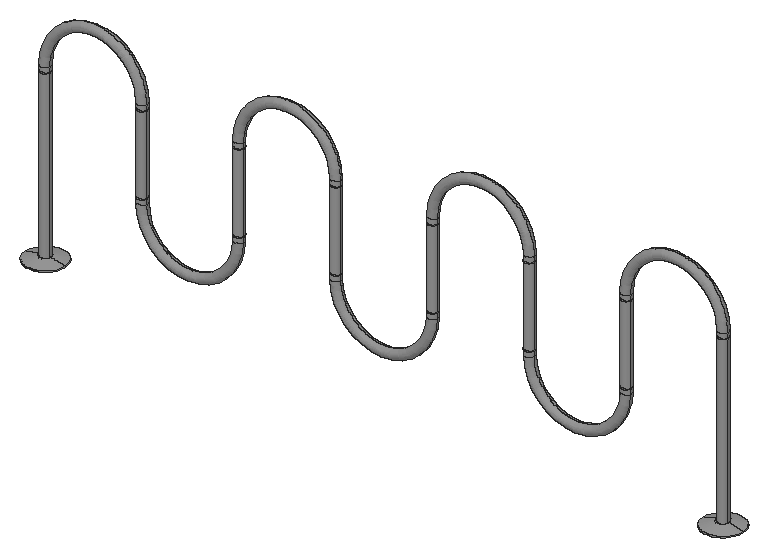
Revit family "Велопарковка «Комби-11» прямая", category Антураж, Revit 2017
Family settings
  На основе рабочей плоскости = Нет
  Всегда вертикально = Да
  При загрузке вырезать с полостями = Нет
  Источник визуального образа = Геометрия семейства
  Общий = Нет
  Точка расчета площади = Нет
Parameters (values of type "Велопарковка «Комби-11» прямая")
  Стоимость = 9278
  Изготовитель = "ООО \"Хоббика\""
  Высота = 0 mm
  URL = "https://hobbyka.ru/product/veloparkovka_kombi-11_priamaia/?sphrase_id=68843"
  ADSK_Размер_Ширина = 130 mm
  ADSK_Размер_Длина = 2400 mm
  ADSK_Размер_Высота = 760 mm
  ADSK_Наименование = "Велопарковка «Комби-11» прямая"
  ADSK_Материал велопарковки = Сталь, хромированная
  ADSK_Код изделия = "7271"
Reference planes
  plane 1 "По центру (Вперед/Назад)": y = 0
  plane 2: z = 0
  plane 3 "По центру (Влево/Вправо)": x = 0
Forms (mm)
  Sweep 1, solid, material "Сталь, хромированная" <- "ADSK_Материал велопарковки"
    path origin (0, 0, 0) x (1, 0, 0) y (0, 0, 1)
      loop
        line (-1134, 14.161) -> (-1134, 585.531)
        arc (-1134, 585.531) -> (-972, 747.531) -> (-810, 585.531) r 162
        line (-810, 585.531) -> (-810, 286.204)
        arc (-810, 286.204) -> (-648, 124.204) -> (-486, 286.204) r 162
        line (-486, 286.204) -> (-486, 585.506)
        arc (-486, 585.506) -> (-324.012, 747.531) -> (-162, 585.531) r 162
        line (-162, 585.531) -> (-162, 286.204)
        arc (-162, 286.204) -> (0, 124.204) -> (162, 286.204) r 162
        line (162, 286.204) -> (162, 585.506)
        arc (162, 585.506) -> (323.988, 747.531) -> (486, 585.531) r 162
        line (486, 585.531) -> (486, 286.204)
        arc (486, 286.204) -> (648, 124.204) -> (810, 286.204) r 162
        line (810, 286.204) -> (810, 585.531)
        arc (810, 585.531) -> (972, 747.531) -> (1134, 585.531) r 162
        line (1134, 585.531) -> (1134, 14.153)
    profile origin (-1134, 0, 299.846) x (-1, 0, 0) y (0, -1, 0)
      loop
        circle (0, 0) r 16
  Revolve 2, solid, material "Сталь, хромированная" <- "ADSK_Материал велопарковки"
    sketch origin (0, 0, 0) x (1, 0, 0) y (0, 0, 1)
      loop
        line (-1068.39, 3.139) -> (-1113.067, 14.161) -> (-1134, 14.161) -> (-1134, 0) -> (-1068.39, 0) -> (-1068.39, 3.139)
      axis (-1134, 14.161) -> (-1134, 0)
    angle from 0 to 360
  Revolve 3, solid, material "Сталь, хромированная" <- "ADSK_Материал велопарковки"
    sketch origin (2268, 0, 0) x (1, 0, 0) y (0, 0, 1)
      loop
        line (-1068.39, 3.139) -> (-1113.067, 14.161) -> (-1134, 14.161) -> (-1134, 0) -> (-1068.39, 0) -> (-1068.39, 3.139)
      axis (-1134, 14.161) -> (-1134, 0)
    angle from 0 to 360
  Revolve 4, solid, material "Сталь, хромированная" <- "ADSK_Материал велопарковки"
    sketch origin (0, 0, 0) x (1, 0, 0) y (0, 0, 1)
      loop
        line (-1134, 569.295) -> (-1134, 566.865) -> (-1117.8, 566.865)
        arc (-1117.8, 566.865) -> (-1117.409, 568.08) -> (-1117.8, 569.295) r 2.085
        line (-1117.8, 569.295) -> (-1134, 569.295)
      axis (-1134, 569.295) -> (-1134, 566.865)
    angle from 0 to 360
  Revolve 5, solid, material "Сталь, хромированная" <- "ADSK_Материал велопарковки"
    sketch origin (324, 0, 0) x (1, 0, 0) y (0, 0, 1)
      loop
        line (-1134, 569.295) -> (-1134, 566.865) -> (-1117.8, 566.865)
        arc (-1117.8, 566.865) -> (-1117.409, 568.08) -> (-1117.8, 569.295) r 2.085
        line (-1117.8, 569.295) -> (-1134, 569.295)
      axis (-1134, 569.295) -> (-1134, 566.865)
    angle from 0 to 360
  Revolve 6, solid, material "Сталь, хромированная" <- "ADSK_Материал велопарковки"
    sketch origin (648, 0, 0) x (1, 0, 0) y (0, 0, 1)
      loop
        line (-1134, 569.295) -> (-1134, 566.865) -> (-1117.8, 566.865)
        arc (-1117.8, 566.865) -> (-1117.409, 568.08) -> (-1117.8, 569.295) r 2.085
        line (-1117.8, 569.295) -> (-1134, 569.295)
      axis (-1134, 569.295) -> (-1134, 566.865)
    angle from 0 to 360
  Revolve 7, solid, material "Сталь, хромированная" <- "ADSK_Материал велопарковки"
    sketch origin (972, 0, 0) x (1, 0, 0) y (0, 0, 1)
      loop
        line (-1134, 569.295) -> (-1134, 566.865) -> (-1117.8, 566.865)
        arc (-1117.8, 566.865) -> (-1117.409, 568.08) -> (-1117.8, 569.295) r 2.085
        line (-1117.8, 569.295) -> (-1134, 569.295)
      axis (-1134, 569.295) -> (-1134, 566.865)
    angle from 0 to 360
  Revolve 8, solid, material "Сталь, хромированная" <- "ADSK_Материал велопарковки"
    sketch origin (1296, 0, 0) x (1, 0, 0) y (0, 0, 1)
      loop
        line (-1134, 569.295) -> (-1134, 566.865) -> (-1117.8, 566.865)
        arc (-1117.8, 566.865) -> (-1117.409, 568.08) -> (-1117.8, 569.295) r 2.085
        line (-1117.8, 569.295) -> (-1134, 569.295)
      axis (-1134, 569.295) -> (-1134, 566.865)
    angle from 0 to 360
  Revolve 9, solid, material "Сталь, хромированная" <- "ADSK_Материал велопарковки"
    sketch origin (1620, 0, 0) x (1, 0, 0) y (0, 0, 1)
      loop
        line (-1134, 569.295) -> (-1134, 566.865) -> (-1117.8, 566.865)
        arc (-1117.8, 566.865) -> (-1117.409, 568.08) -> (-1117.8, 569.295) r 2.085
        line (-1117.8, 569.295) -> (-1134, 569.295)
      axis (-1134, 569.295) -> (-1134, 566.865)
    angle from 0 to 360
  Revolve 10, solid, material "Сталь, хромированная" <- "ADSK_Материал велопарковки"
    sketch origin (1944, 0, 0) x (1, 0, 0) y (0, 0, 1)
      loop
        line (-1134, 569.295) -> (-1134, 566.865) -> (-1117.8, 566.865)
        arc (-1117.8, 566.865) -> (-1117.409, 568.08) -> (-1117.8, 569.295) r 2.085
        line (-1117.8, 569.295) -> (-1134, 569.295)
      axis (-1134, 569.295) -> (-1134, 566.865)
    angle from 0 to 360
  Revolve 11, solid, material "Сталь, хромированная" <- "ADSK_Материал велопарковки"
    sketch origin (2268, 0, 0) x (1, 0, 0) y (0, 0, 1)
      loop
        line (-1134, 569.295) -> (-1134, 566.865) -> (-1117.8, 566.865)
        arc (-1117.8, 566.865) -> (-1117.409, 568.08) -> (-1117.8, 569.295) r 2.085
        line (-1117.8, 569.295) -> (-1134, 569.295)
      axis (-1134, 569.295) -> (-1134, 566.865)
    angle from 0 to 360
  Revolve 12, solid, material "Сталь, хромированная" <- "ADSK_Материал велопарковки"
    sketch origin (324, 0, -264.441) x (1, 0, 0) y (0, 0, 1)
      loop
        line (-1134, 569.295) -> (-1134, 566.865) -> (-1117.8, 566.865)
        arc (-1117.8, 566.865) -> (-1117.409, 568.08) -> (-1117.8, 569.295) r 2.085
        line (-1117.8, 569.295) -> (-1134, 569.295)
      axis (-1134, 569.295) -> (-1134, 566.865)
    angle from 0 to 360
  Revolve 13, solid, material "Сталь, хромированная" <- "ADSK_Материал велопарковки"
    sketch origin (648, 0, -264.441) x (1, 0, 0) y (0, 0, 1)
      loop
        line (-1134, 569.295) -> (-1134, 566.865) -> (-1117.8, 566.865)
        arc (-1117.8, 566.865) -> (-1117.409, 568.08) -> (-1117.8, 569.295) r 2.085
        line (-1117.8, 569.295) -> (-1134, 569.295)
      axis (-1134, 569.295) -> (-1134, 566.865)
    angle from 0 to 360
  Revolve 14, solid, material "Сталь, хромированная" <- "ADSK_Материал велопарковки"
    sketch origin (972, 0, -264.441) x (1, 0, 0) y (0, 0, 1)
      loop
        line (-1134, 569.295) -> (-1134, 566.865) -> (-1117.8, 566.865)
        arc (-1117.8, 566.865) -> (-1117.409, 568.08) -> (-1117.8, 569.295) r 2.085
        line (-1117.8, 569.295) -> (-1134, 569.295)
      axis (-1134, 569.295) -> (-1134, 566.865)
    angle from 0 to 360
  Revolve 15, solid, material "Сталь, хромированная" <- "ADSK_Материал велопарковки"
    sketch origin (1296, 0, -264.441) x (1, 0, 0) y (0, 0, 1)
      loop
        line (-1134, 569.295) -> (-1134, 566.865) -> (-1117.8, 566.865)
        arc (-1117.8, 566.865) -> (-1117.409, 568.08) -> (-1117.8, 569.295) r 2.085
        line (-1117.8, 569.295) -> (-1134, 569.295)
      axis (-1134, 569.295) -> (-1134, 566.865)
    angle from 0 to 360
  Revolve 16, solid, material "Сталь, хромированная" <- "ADSK_Материал велопарковки"
    sketch origin (1620, 0, -264.441) x (1, 0, 0) y (0, 0, 1)
      loop
        line (-1134, 569.295) -> (-1134, 566.865) -> (-1117.8, 566.865)
        arc (-1117.8, 566.865) -> (-1117.409, 568.08) -> (-1117.8, 569.295) r 2.085
        line (-1117.8, 569.295) -> (-1134, 569.295)
      axis (-1134, 569.295) -> (-1134, 566.865)
    angle from 0 to 360
  Revolve 17, solid, material "Сталь, хромированная" <- "ADSK_Материал велопарковки"
    sketch origin (1944, 0, -264.441) x (1, 0, 0) y (0, 0, 1)
      loop
        line (-1134, 569.295) -> (-1134, 566.865) -> (-1117.8, 566.865)
        arc (-1117.8, 566.865) -> (-1117.409, 568.08) -> (-1117.8, 569.295) r 2.085
        line (-1117.8, 569.295) -> (-1134, 569.295)
      axis (-1134, 569.295) -> (-1134, 566.865)
    angle from 0 to 360
Cuts and joins
  joined: Sweep 1, Revolve 4, Revolve 5, Revolve 6, Revolve 7, Revolve 8, Revolve 9, Revolve 10, Revolve 11, Revolve 12, Revolve 13, Revolve 14, Revolve 15, Revolve 16, Revolve 17
Dimensions and locks
  aligned and locked: level to plane 2
